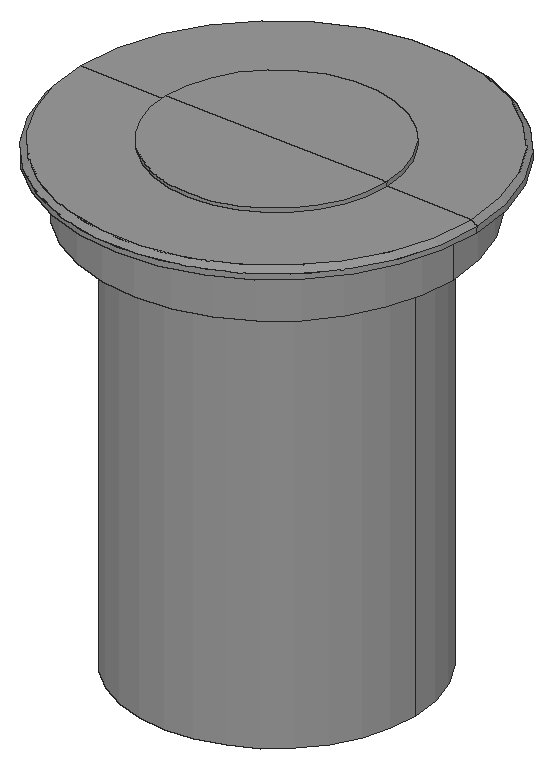
Revit family "Interrata - Copy - Copy (2)", category Lighting Fixtures, host Face, Revit 2017
Family settings
  Host = Face
  Round Connector Dimension = Use Diameter
  Part Type = Normal
  OmniClass Number = 23.80.70.00
  OmniClass Title = Lighting
  Cut with Voids When Loaded = No
  Light Source = No
  Shared = No
  Room Calculation Point = No
Parameters (values of type "0049041")
  XS_SYL = no
  Weight = ""
  Wattage Comments = ""
  WarrantyStartDate [instance] = "n/a"
  WarrantyGuarantorParts = "n/a"
  WarrantyDurationUnit = "n/a"
  WarrantyDurationParts = "n/a"
  WarrantyDescription = "n/a"
  Voltage = 0 V
  URL = "http://www.sylvania-lighting.com"
  TypeName = ""
  TypeLamp_SYL = Interrata Lamp : 0049041 INTERRATA ADJUSTABLE S  CL 400LM 840 MB
  Type Image = <None>
  Type Comments = "n/a"
  Thickness_SYL = 2.5 mm  # constant formula
  Step2_SYL = if(XS_SYL, 99.8 mm, if(S_SYL, 121 mm, if(L_SYL, 236 mm, 206 mm)))  # 121 mm
  Step1_SYL = if(XS_SYL, 26.2 mm, if(S_SYL, 15 mm, if(L_SYL, 19.5 mm, 17.5 mm)))  # 15 mm
  SerialNumber [instance] = "n/a"
  S_SYL = yes
  RotationAngle_SYL [instance] = 0.00°
  RingHeight_SYL = if(XS_SYL, 3 mm, if(S_SYL, 3 mm, if(L_SYL, 4 mm, 2.8 mm)))  # 3 mm
  RevolutionAxisFromRefLevel_SYL = if(XS_SYL, 27 mm, if(S_SYL, 45 mm, if(L_SYL, 74 mm, 59.5 mm)))  # 45 mm
  Radius_SYL = if(XS_SYL, 50 mm, if(S_SYL, 60 mm, if(L_SYL, 130 mm, 100 mm)))  # 60 mm
  Radius3_SYL = if(XS_SYL, 31.5 mm, if(S_SYL, 41.7 mm, if(L_SYL, 112 mm, 96 mm)))  # 41.7 mm
  Radius2_SYL = if(XS_SYL, 33.5 mm, if(S_SYL, 53 mm, if(L_SYL, 124 mm, 98 mm)))  # 53 mm
  Material_3_SYL = none
  PowerFactor = 0
  PowerConsumption = ""
  NominalLength = 0 mm
  NominalHeight = 0 mm
  NominalDepth = 0 mm
  Name = ""
  ModelReference = Name  # ""
  ModelNumber = ""
  Model = Name  # ""
  Material = ""
  ManufacturerName = "Feilo Sylvania"
  Manufacturer = "Feilo Sylvania"
  L_SYL = no
  LuminousEfficacy = ""
  LuminaireType = ""
  LightOutputRatio = ""
  LampsType = Lamp  # ""
  EndAngle_SYL [instance] = RotationAngle_SYL + 180.00°  # 180.00°
  BodyThickness_SYL = 3 mm  # constant formula
  BodyHeight3_SYL = if(XS_SYL, 80 mm, if(S_SYL, 45 mm, if(L_SYL, 21 mm, 29.4 mm)))  # 45 mm
  BodyRad_SYL = if(XS_SYL, 30 mm, if(S_SYL, 50 mm, if(L_SYL, 120 mm, 95 mm)))  # 50 mm
  LampNominalLuminous = ""
  LampMacAdamStep = ""
  BodyRad2_SYL = if(XS_SYL, 16.5 mm, if(S_SYL, 35.5 mm, if(L_SYL, 82.5 mm, 54.5 mm)))  # 35.5 mm
  BodyRad1_SYL = if(XS_SYL, 23.6 mm, if(S_SYL, 35.5 mm, if(L_SYL, 99.4 mm, 68.5 mm)))  # 35.5 mm
  BodyHeight4_SYL = if(XS_SYL, 5.5 mm, if(S_SYL, 45 mm, if(L_SYL, 82.2 mm, 66.6 mm)))  # 45 mm
  BodyHeight2_SYL = if(XS_SYL, 4.5 mm, if(S_SYL, 5.5 mm, if(L_SYL, 34 mm, 19.5 mm)))  # 5.5 mm
  BodyHeight1_SYL = if(XS_SYL, 4.5 mm, if(S_SYL, 4 mm, if(L_SYL, 14 mm, 9.5 mm)))  # 4 mm
  LampColourTemperature = ""
  LampColourRenderingIndex = ""
  Lamp = ""
  Keynote = "16500"
  InstallationDate [instance] = "n/a"
  InputVoltage = ""
  InputNominalFrequency = ""
  IngressProtection = ""
  ImpactProtectionIndex = ""
  IfcExportType = "IfcLightFixtureType"
  IfcExportAs = "IfcLightFixtureType"
  ElectricShockClassification = ""
  DocumentationLiterature = ""
  DimmingControlOptions = ""
  Material_2_SYL = Polycarbonate, Clear
  DiffuserRad_SYL = if(XS_SYL, 21 mm, if(S_SYL, 33 mm, if(L_SYL, 94 mm, 66 mm)))  # 33 mm
  Description = ""
  Default Elevation = 100 mm
  CreatedOn = ""
  CreatedBy = ""
  Cost = 0
  built-in parameter 1114216 [instance] = (empty or 0)
  ClassificationValue = "EF_70_80"
  ClassificationName = "Uniclass2015"
  Material_1_SYL = Stainless Steel
  Chamfer_SYL = 1.5 mm  # constant formula
  BarCode [instance] = "n/a"
  AssetType = ""
  AssetIdentifier [instance] = "n/a"
  Assembly Code = "D5020200"
  Apparent Load = 0 VA
  Material_4_SYL = none
Types (10, lengths in mm): name | XS_SYL | TypeLamp_SYL | Step2_SYL | Step1_SYL | S_SYL | RingHeight_SYL | RevolutionAxisFromRefLevel_SYL | Radius_SYL | Radius3_SYL | Radius2_SYL | L_SYL | BodyHeight3_SYL | BodyRad_SYL | BodyRad2_SYL | BodyRad1_SYL | BodyHeight4_SYL | BodyHeight2_SYL | BodyHeight1_SYL | DiffuserRad_SYL
  0049036 | yes | Interrata Lamp : 0049036 INTERRATA XS  FROSTED 100LM 830  | 99.8 | 26.2 | no | 3 | 27 | 50 | 31.5 | 33.5 | no | 80 | 30 | 16.5 | 23.6 | 5.5 | 4.5 | 4.5 | 21
  0049042 | no | Interrata Lamp : 0049042 INTERRATA ADJUSTABLE M  CL 1000LM 830 MB | 206 | 17.5 | no | 2.8 | 59.5 | 100 | 96 | 98 | no | 29.4 | 95 | 54.5 | 68.5 | 66.6 | 19.5 | 9.5 | 66
  0049043 | no | Interrata Lamp : 0049043 INTERRATA ADJUSTABLE M  CL 1000LM 840 MB | 206 | 17.5 | no | 2.8 | 59.5 | 100 | 96 | 98 | no | 29.4 | 95 | 54.5 | 68.5 | 66.6 | 19.5 | 9.5 | 66
  0049044 | no | Interrata Lamp : 0049044 INTERRATA ADJUSTABLE L  CL 2000LM 830 MB | 236 | 19.5 | no | 4 | 74 | 130 | 112 | 124 | yes | 21 | 120 | 82.5 | 99.4 | 82.2 | 34 | 14 | 94
  0049037 | yes | Interrata Lamp : 0049037 INTERRATA XS  FROSTED 100LM 840  | 99.8 | 26.2 | no | 3 | 27 | 50 | 31.5 | 33.5 | no | 80 | 30 | 16.5 | 23.6 | 5.5 | 4.5 | 4.5 | 21
  0049039 | yes | Interrata Lamp : 0049039 INTERRATA XS  CLEAR 100LM 840 NB | 99.8 | 26.2 | no | 3 | 27 | 50 | 31.5 | 33.5 | no | 80 | 30 | 16.5 | 23.6 | 5.5 | 4.5 | 4.5 | 21
  0049038 | yes | Interrata Lamp : 0049038 INTERRATA XS  CLEAR 100LM 830 NB | 99.8 | 26.2 | no | 3 | 27 | 50 | 31.5 | 33.5 | no | 80 | 30 | 16.5 | 23.6 | 5.5 | 4.5 | 4.5 | 21
  0049040 | no | Interrata Lamp : 0049040 INTERRATA ADJUSTABLE S  CL 400LM 830 MB | 121 | 15 | yes | 3 | 45 | 60 | 41.7 | 53 | no | 45 | 50 | 35.5 | 35.5 | 45 | 5.5 | 4 | 33
  0049041 | no | Interrata Lamp : 0049041 INTERRATA ADJUSTABLE S  CL 400LM 840 MB | 121 | 15 | yes | 3 | 45 | 60 | 41.7 | 53 | no | 45 | 50 | 35.5 | 35.5 | 45 | 5.5 | 4 | 33
  0049045 | no | Interrata Lamp : 0049045 INTERRATA ADJUSTABLE L  CL 2000LM 840 MB | 236 | 19.5 | no | 4 | 74 | 130 | 112 | 124 | yes | 21 | 120 | 82.5 | 99.4 | 82.2 | 34 | 14 | 94
Reference planes
  plane 1 "Center (Front/Back)": y = 0
  plane 2: z = 1.5
  plane 3 "Center (Left/Right)": x = 0
  plane 4: z = 3
  plane 5: x = -33
  plane 6: x = -58.5
  plane 7: x = -60
  plane 8: x = -53
  plane 9: z = 4
  plane 10: z = -15
  plane 11: z = -136
  plane 12: x = -41.7
  plane 13: x = -50
  plane 14: z = -4
  plane 15: z = -9.5
  plane 16: x = -50.5
  plane 17: z = -12.5
  plane 18: x = -39.2
  plane 19: z = -54.5
  plane 20: z = -99.5
  plane 21: x = -35.5
  plane 22: x = -35.5
  plane 23: x = -47
  plane 24: x = -32.5
  plane 25: x = -32.5
  plane 26: z = -96.5
  plane 27: z = -1
  plane 28: z = -45
Forms (mm)
  Revolve 1, solid, material "Stainless Steel" <- "Material_1_SYL"
    sketch origin (0, 0, 0) x (1, 0, 0) y (0, 0, 1)
      loop
        line (-33, 3) -> (-58.5, 3) -> (-60, 1.5) -> (-60, 0) -> (-53, 0) -> (-53, -15) -> (-41.7, -15) -> (-41.7, -136) -> (-39.2, -136) -> (-39.2, -12.5) -> (-50.5, -12.5) -> (-50.5, 0) -> (-33, 0) -> (-33, 3)
      axis (0, 3) -> (0, -136)
    angle from 360 to 0
  Revolve 2, void
    sketch origin (0, 0, 0) x (1, 0, 0) y (0, 0, 1)
      loop
        line (-53, 0) -> (-53, -136) -> (0, -136) -> (0, 0) -> (-53, 0)
      axis (0, 0) -> (0, -136)
    angle from 360 to 0
  Revolve 3, solid, material "Polycarbonate, Clear" <- "Material_2_SYL", detail levels medium+fine
    sketch origin (0, 0, 0) x (1, 0, 0) y (0, 0, 1)
      loop
        line (0, 4) -> (-33, 4) -> (-33, 1.5) -> (0, 1.5) -> (0, 4)
      axis (0, 4) -> (0, 1.5)
    angle from 360 to 0
  Revolve 4, solid, detail levels medium+fine
    sketch origin (0, 0, 0) x (1, 0, 0) y (0, 0, 1)
      loop
        line (-47, 0) -> (-50, 0) -> (-50, -4) -> (-35.5, -4) -> (-35.5, -9.5) -> (-35.5, -54.5) -> (-35.5, -99.5) -> (0, -99.5) -> (0, -96.5) -> (-32.5, -96.5) -> (-32.5, -53.822) -> (-32.5, -8.822) -> (-32.5, -1) -> (-47, -1) -> (-47, 0)
      axis (0, 0) -> (0, -99.5)
    angle from 360 to 0
  Revolve 5, solid
    sketch origin (-1524.19, -4572, -45) x (-1, 0, 0) y (0, -1, 0)
      loop
        line (-1524.19, -4572) -> (-1524.19, -4582) -> (-1514.19, -4582) -> (-1514.19, -4572) -> (-1524.19, -4572)
      axis (-1524.19, -4582) -> (-1524.19, -4572)
    angle from 0 <- "RotationAngle_SYL" to 180 <- "EndAngle_SYL"
Dimensions and locks
  "DiffuserRad_SYL": plane 3 "Center (Left/Right)" to plane 5
  "Radius_SYL": plane 3 "Center (Left/Right)" to plane 7
  "Chamfer_SYL": plane 6 to plane 7
  "Radius2_SYL": plane 3 "Center (Left/Right)" to plane 8
  locked: plane 9 to plane 4 at 1
  "RingHeight_SYL": plane 4 to level
  "Chamfer_SYL": plane 4 to plane 2
  "Step1_SYL": level to plane 10
  "Step2_SYL": plane 10 to plane 11
  "Radius3_SYL": plane 3 "Center (Left/Right)" to plane 12
  "BodyRad_SYL": plane 3 "Center (Left/Right)" to plane 13
  "BodyHeight1_SYL": level to plane 14
  "BodyHeight2_SYL": plane 14 to plane 15
  "Thickness_SYL": plane 16 to plane 8
  "Thickness_SYL": plane 17 to plane 10
  "Thickness_SYL": plane 18 to plane 12
  "BodyHeight3_SYL": plane 15 to plane 19
  "BodyHeight4_SYL": plane 19 to plane 20
  "BodyRad1_SYL": plane 3 "Center (Left/Right)" to plane 21
  "BodyRad2_SYL": plane 3 "Center (Left/Right)" to plane 22
  "BodyThickness_SYL": plane 26 to plane 20
  "BodyThickness_SYL": plane 25 to plane 22
  "BodyThickness_SYL": plane 24 to plane 21
  "BodyThickness_SYL": plane 23 to plane 13
  "BodyThickness_SYL": plane 27 to plane 14
  "RevolutionAxisFromRefLevel_SYL": level to plane 28
  aligned and locked: level to host face
  aligned and locked: Revolve 1 sketch curve to plane 4
  aligned and locked: plane 7 to Revolve 1 sketch curve
  aligned and locked: Revolve 1 sketch curve to level
  aligned and locked: plane 10 to Revolve 1 sketch curve
  aligned and locked: Revolve 1 sketch curve to plane 12
  aligned and locked: plane 5 to Revolve 1 sketch curve
  aligned and locked: Revolve 1 sketch curve to plane 3 "Center (Left/Right)"
  aligned and locked: Revolve 1 sketch curve to plane 11
  aligned and locked: Revolve 2 sketch curve to plane 3 "Center (Left/Right)"  (x2)
  aligned and locked: Revolve 3 sketch curve to plane 9
  aligned and locked: Revolve 3 sketch curve to plane 5
  aligned and locked: Revolve 3 sketch curve to plane 2
  aligned and locked: plane 3 "Center (Left/Right)" to Revolve 3 sketch curve
  aligned and locked: Revolve 3 sketch curve to plane 3 "Center (Left/Right)"
  aligned and locked: Revolve 1 sketch curve to plane 18
  aligned and locked: plane 17 to Revolve 1 sketch curve
  aligned and locked: Revolve 4 sketch curve to plane 3 "Center (Left/Right)"  (x2)
  aligned and locked: Revolve 4 sketch curve to plane 26
  aligned and locked: Revolve 4 sketch curve to plane 20
  aligned and locked: Revolve 4 sketch curve to plane 22
  aligned and locked: Revolve 4 sketch curve to plane 25
  aligned and locked: plane 15 to Revolve 4 sketch curve
  aligned and locked: plane 21 to Revolve 4 sketch curve
  aligned and locked: Revolve 1 sketch curve to plane 8
  aligned and locked: Revolve 1 sketch curve to plane 16
  aligned and locked: plane 8 to Revolve 2 sketch curve
  aligned and locked: Revolve 2 sketch curve to level
  aligned and locked: Revolve 2 sketch curve to plane 11
  aligned and locked: Revolve 5 sketch curve to plane 1 "Center (Front/Back)"
  aligned and locked: Revolve 5 sketch curve to plane 3 "Center (Left/Right)"  (x2)
Automatic sketch dimensions
  host sketch curve to host sketch curve = 632.037 mm  (x2)
  plane 11 to Revolve 3 sketch curve = 386.1 mm
  Revolve 3 sketch curve to Revolve 3 sketch curve = 2605.258 mm
  Revolve 4 sketch curve to level = 0 mm
  Revolve 4 sketch curve to plane 13 = 0 mm
  Revolve 4 sketch curve to plane 23 = 0 mm
  Revolve 4 sketch curve to plane 14 = 0 mm
  Revolve 4 sketch curve to plane 24 = 0 mm
  Revolve 4 sketch curve to plane 19 = 0 mm
  Revolve 4 sketch curve to plane 27 = 0 mm
  plane 19 to Revolve 4 sketch curve = 0.678 mm
  plane 15 to Revolve 4 sketch curve = 0.678 mm
  plane 11 to Revolve 4 sketch curve = 386.1 mm
  Revolve 4 sketch curve to plane 9 = 2605.258 mm
  Revolve 1 sketch curve to plane 6 = 0 mm
  Revolve 1 sketch curve to level = 0 mm
  Revolve 1 sketch curve to plane 2 = 0 mm
  plane 11 to Revolve 1 sketch curve = 386.1 mm
  Revolve 1 sketch curve to plane 9 = 2605.258 mm
  plane 11 to Revolve 2 sketch curve = 386.1 mm
  Revolve 2 sketch curve to plane 9 = 2605.258 mm
  Revolve 5 sketch curve to plane 3 "Center (Left/Right)" = 10 mm
  Revolve 5 sketch curve to plane 1 "Center (Front/Back)" = 10 mm
  Revolve 5 sketch curve to Revolve 5 sketch curve = 1514 mm
  Revolve 5 sketch curve to Revolve 5 sketch curve = 1524 mm
Nested families
  nested 1: "Interrata Lamp" at (0, 0, -45) x (0, -1, 0) z (0, 0, 1), type <- "TypeLamp_SYL", type "0049041 INTERRATA ADJUSTABLE S  CL 400LM 840 MB"
    with built-in parameter 1114216 (empty or 0)
Connectors
  electrical at (0, 0, -136), driven by "Voltage", driven by "Apparent Load", driven by "PowerFactor"
    settings: on Revolve 1, index 1, voltage 0 V, apparent load 0 VA, apparent load phase1 0 VA, apparent load phase2 0 VA, apparent load phase3 0 VA, power factor 0, load classification "Other", number of poles 1, system type 30, power factor state 1, is connector primary yes, connector utility no, sub classification motor no, connector description ""
Definition of nested family "Interrata Lamp"
  Parameters (values of type "0049038 INTERRATA XS  CLEAR 100LM 830 NB")
    XS_SYL = yes
    Wattage Comments = "n/a"
    Wattage = 0 W
    built-in parameter 1150110 = 1 (stored number, unit not read)
    URL = "http://www.sylvania-lighting.com"
    Type Image = (empty or 0)
    Type Comments = "n/a"
    built-in parameter 1114217 = 1 (stored number, unit not read)
    Tilt Angle = -90.00°
    built-in parameter 1150109 = 1 (stored number, unit not read)
    built-in parameter 1150134 = (empty or 0)
    built-in parameter 1150113 = 1 (stored number, unit not read)
    S_SYL = no
    Rad_SYL = if(XS_SYL, 27.5 mm, if(S_SYL, 17 mm, if(L_SYL, 36 mm, 41 mm)))  # 27.5 mm
    Rad4_SYL = if(XS_SYL, 11 mm, if(S_SYL, 20 mm, if(L_SYL, 55 mm, 40 mm)))  # 11 mm
    Rad3_SYL = if(XS_SYL, 12.5 mm, if(S_SYL, 24 mm, if(L_SYL, 57 mm, 41 mm)))  # 12.5 mm
    Rad2_SYL = if(XS_SYL, 20.2 mm, if(S_SYL, 29 mm, if(L_SYL, 75 mm, 51.5 mm)))  # 20.2 mm
    Photometric Web File = ""
    built-in parameter 1150142 = (empty or 0)
    Material_3_SYL = none
    Model = "INTERRATA XS IP67 CLEAR 100LM 830 NB"
    Manufacturer = "Feilo Sylvania"
    built-in parameter 1150105 = (empty or 0)
    Lumens = 0 lm
    built-in parameter 1150115 = 1 (stored number, unit not read)
    built-in parameter 1150137 = (empty or 0)
    built-in parameter 1150139 = (empty or 0)
    built-in parameter 1150112 = 1 (stored number, unit not read)
    built-in parameter 1150114 = 1 (stored number, unit not read)
    Lamp = "LED"
    L_SYL = no
    Keynote = "16500"
    Material_2_SYL = none
    built-in parameter 1150132 = (empty or 0)
    built-in parameter 1150102 = (empty or 0)
    built-in parameter 1150107 = (empty or 0)
    built-in parameter 1150138 = (empty or 0)
    built-in parameter 1150106 = 1.0982 (stored number, unit not read)
    Height4_SYL = if(XS_SYL, 9.1 mm, if(S_SYL, 10 mm, if(L_SYL, 22 mm, 10.5 mm)))  # 9.1 mm
    Height3_SYL = if(XS_SYL, 4 mm, if(S_SYL, 8 mm, if(L_SYL, 8.7 mm, 6.7 mm)))  # 4 mm
    Height2_SYL = if(XS_SYL, 7.4 mm, if(S_SYL, 2 mm, if(L_SYL, 2 mm, 2 mm)))  # 7.4 mm
    Height1_SYL = if(XS_SYL, 6.5 mm, if(S_SYL, 8.3 mm, if(L_SYL, 19.5 mm, 18.3 mm)))  # 6.5 mm
    Emit from Circle Diameter = Rad_SYL * 2  # 55 mm
    Emit Shape Visible in Rendering = no
    built-in parameter 1150104 = (empty or 0)
    Dimming Lamp Color Temperature Shift = (empty or 0)
    Description = ""
    Default Elevation = 1219.2 mm
    Cost = 0
    Color Filter = 16777215
    built-in parameter 1114216 [instance] = (empty or 0)
    Material_1_SYL = none
    BottomFromRefLevel = if(XS_SYL, 0.1 mm, if(S_SYL, 4 mm, if(L_SYL, 7 mm, 0.1 mm)))  # 0.1 mm
    built-in parameter 1114218 = 1 (stored number, unit not read)
    built-in parameter 1150133 = 10 (stored number, unit not read)
    Assembly Code = "D5020200"
    Apparent Load = 0 VA
    Material_4_SYL = none
  Types (16, lengths in mm): name | XS_SYL | S_SYL | Rad_SYL | Rad4_SYL | Rad3_SYL | Rad2_SYL | Model | L_SYL | Height4_SYL | Height3_SYL | Height2_SYL | Height1_SYL | Emit from Circle Diameter | BottomFromRefLevel
    0049051 INTERRATA ADJUSTABLE L HONEYCOMB | no | no | 36 | 55 | 57 | 75 | "INTERRATA ADJUSTABLE L HONEYCOMB" | yes | 22 | 8.7 | 2 | 19.5 | 72 | 7
    0049050 INTERRATA ADJUSTABLE M HONEYCOMB | no | no | 41 | 40 | 41 | 51.5 | "INTERRATA ADJUSTABLE M HONEYCOMB" | no | 10.5 | 6.7 | 2 | 18.3 | 82 | 0.1
    0049049 INTERRATA ADJUSTABLE S HONEYCOMB | no | yes | 17 | 20 | 24 | 29 | "INTERRATA ADJUSTABLE S HONEYCOMB" | no | 10 | 8 | 2 | 8.3 | 34 | 4
    0049048 INTERRATA ADJUSTABLE L  FROSTED GLASS | no | no | 36 | 55 | 57 | 75 | "INTERRATA ADJUSTABLE L  FROSTED GLASS" | yes | 22 | 8.7 | 2 | 19.5 | 72 | 7
    0049047 INTERRATA ADJUSTABLE M FROSTED GLASS | no | no | 41 | 40 | 41 | 51.5 | "INTERRATA ADJUSTABLE M FROSTED GLASS" | no | 10.5 | 6.7 | 2 | 18.3 | 82 | 0.1
    0049046 INTERRATA ADJUSTABLE S FROSTED GLASS | no | yes | 17 | 20 | 24 | 29 | "INTERRATA ADJUSTABLE S FROSTED GLASS" | no | 10 | 8 | 2 | 8.3 | 34 | 4
    0049045 INTERRATA ADJUSTABLE L  CL 2000LM 840 MB | no | no | 36 | 55 | 57 | 75 | "INTERRATA ADJUSTABLE L IP67 CLEAR 2000LM 840 MB" | yes | 22 | 8.7 | 2 | 19.5 | 72 | 7
    0049044 INTERRATA ADJUSTABLE L  CL 2000LM 830 MB | no | no | 36 | 55 | 57 | 75 | "INTERRATA ADJUSTABLE L IP67 CLEAR 2000LM 830 MB" | yes | 22 | 8.7 | 2 | 19.5 | 72 | 7
    0049043 INTERRATA ADJUSTABLE M  CL 1000LM 840 MB | no | no | 41 | 40 | 41 | 51.5 | "INTERRATA ADJUSTABLE M IP67 CLEAR 1000LM 840 MB" | no | 10.5 | 6.7 | 2 | 18.3 | 82 | 0.1
    0049042 INTERRATA ADJUSTABLE M  CL 1000LM 830 MB | no | no | 41 | 40 | 41 | 51.5 | "INTERRATA ADJUSTABLE M IP67 CLEAR 1000LM 830 MB" | no | 10.5 | 6.7 | 2 | 18.3 | 82 | 0.1
    0049041 INTERRATA ADJUSTABLE S  CL 400LM 840 MB | no | yes | 17 | 20 | 24 | 29 | "INTERRATA ADJUSTABLE S IP67 CLEAR 400LM 840 MB" | no | 10 | 8 | 2 | 8.3 | 34 | 4
    0049040 INTERRATA ADJUSTABLE S  CL 400LM 830 MB | no | yes | 17 | 20 | 24 | 29 | "INTERRATA ADJUSTABLE S IP67 CLEAR 400LM 830 MB" | no | 10 | 8 | 2 | 8.3 | 34 | 4
    0049039 INTERRATA XS  CLEAR 100LM 840 NB | yes | no | 27.5 | 11 | 12.5 | 20.2 | "INTERRATA XS IP67 CLEAR 100LM 840 NB" | no | 9.1 | 4 | 7.4 | 6.5 | 55 | 0.1
    0049038 INTERRATA XS  CLEAR 100LM 830 NB | yes | no | 27.5 | 11 | 12.5 | 20.2 | "INTERRATA XS IP67 CLEAR 100LM 830 NB" | no | 9.1 | 4 | 7.4 | 6.5 | 55 | 0.1
    0049037 INTERRATA XS  FROSTED 100LM 840 | yes | no | 27.5 | 11 | 12.5 | 20.2 | "INTERRATA XS IP67 FROSTED 100LM 840" | no | 9.1 | 4 | 7.4 | 6.5 | 55 | 0.1
    0049036 INTERRATA XS  FROSTED 100LM 830 | yes | no | 27.5 | 11 | 12.5 | 20.2 | "INTERRATA XS IP67 FROSTED 100LM 830" | no | 9.1 | 4 | 7.4 | 6.5 | 55 | 0.1
  Reference planes
    plane 1 "Center (Front/Back)": y = 0
    plane 2: z = 0
    plane 3 "Center (Left/Right)": x = 0
    plane 4: z = -0.1
    plane 5: z = 9
    plane 6: z = 13
    plane 7: z = 20.4
    plane 8: z = 26.9
    plane 9: x = -11
    plane 10: x = -12.5
    plane 11: x = -20.2
    plane 12: x = -27.5
  Forms (mm)
    Extrusion 1, solid
      sketch origin (4.2, 0, 0) x (1, 0, 0) y (0, 1, 0)
        loop
          line (-43.406, 38.688) -> (-43.406, -41.283) -> (36.565, -41.283) -> (36.565, 38.688) -> (-43.406, 38.688)
      from 0 to -68.017
    Revolve 2, solid, material <- "Material_1_SYL"
      sketch origin (0, 0, 0) x (1, 0, 0) y (0, 0, 1)
        loop
          line (0, 26.9) -> (-27.5, 26.9) -> (-27.5, 20.4) -> (-20.2, 20.4) -> (-20.2, 13) -> (-12.5, 13) -> (-12.5, 9) -> (-11, 9) -> (-11, -0.1) -> (0, -0.1) -> (0, 26.9)
        axis (0, 26.9) -> (0, -0.1)
      angle from 360 to 0
  Dimensions and locks
    "BottomFromRefLevel": level to plane 4
    "Height4_SYL": plane 5 to plane 4
    "Height3_SYL": plane 6 to plane 5
    "Height2_SYL": plane 7 to plane 6
    "Height1_SYL": plane 8 to plane 7
    "Rad4_SYL": plane 3 "Center (Left/Right)" to plane 9
    "Rad3_SYL": plane 3 "Center (Left/Right)" to plane 10
    "Rad2_SYL": plane 3 "Center (Left/Right)" to plane 11
    "Rad_SYL": plane 3 "Center (Left/Right)" to plane 12
    aligned and locked: plane 2 to Extrusion 1
    aligned and locked: level to Extrusion 1
    aligned and locked: Revolve 2 sketch curve to plane 3 "Center (Left/Right)"
    aligned and locked: plane 8 to Revolve 2 sketch curve
    aligned and locked: Revolve 2 sketch curve to plane 12
    aligned and locked: Revolve 2 sketch curve to plane 7
    aligned and locked: Revolve 2 sketch curve to plane 11
    aligned and locked: Revolve 2 sketch curve to plane 6
    aligned and locked: Revolve 2 sketch curve to plane 10
    aligned and locked: Revolve 2 sketch curve to plane 9
    aligned and locked: Revolve 2 sketch curve to plane 5
    aligned and locked: Revolve 2 sketch curve to plane 4
    aligned and locked: plane 3 "Center (Left/Right)" to Revolve 2 sketch curve
    aligned and locked: plane 8 to imposter light
    aligned and locked: plane 3 "Center (Left/Right)" to imposter light
  Automatic sketch dimensions
    Revolve 2 sketch curve to level = 609.6 mm
    Revolve 2 sketch curve to Revolve 2 sketch curve = 2572.058 mm
    Extrusion 1 sketch curve to Extrusion 1 sketch curve = 79.971 mm  (x2)
